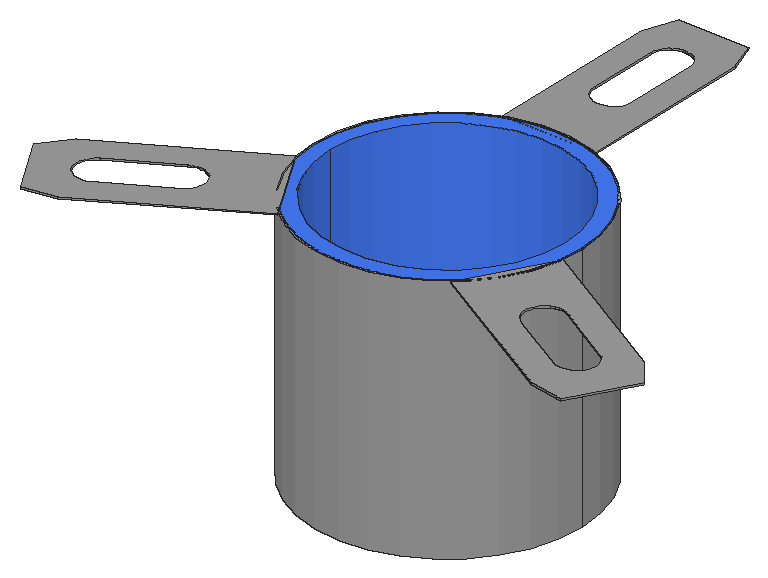
Revit family "Firestop-Wrap_Strip-STI-Series_SS_WBLU2_Sealant_1_to_4_floor", category Specialty Equipment, host Floor, Revit 2026
Family settings
  Host = Floor
  Round Connector Dimension = Use Diameter
  Part Type = Normal
  Classification Number = 23.20.50.14.11
  Enable Cutting in Views = No
  Always vertical = Yes
  Cut with Voids When Loaded = No
  Maintain Annotation Orientation = No
  Shared = No
  Room Calculation Point = No
Parameters (values of type "01.5 Pipe")
  URL = "http://www.stifirestop.com/"
  Tested Systems = "http://sti.fmpdata.net/system_search.html"
  Systems  (See "Tested Systems" for addtional) = ""
  Stack height = 0' - 2"
  Screw Hole Width = 0' - 0 5/16"
  Product Page URL = "http://www.stifirestop.com/products/product-selector/ssw-intumescent-wrap-strip/"
  Product Documentation Link = "http://files.systems.stifirestop.com/4.%20Product%20Data%20Sheets/1.%20English/PDS_SSW125,%20SSW250,%20SSW375%20Wrap%20Strip.pdf"
  Pipe OD = 0' - 1 115/128"
  Material = ""
  Manufacturer Phone No. = "800.992.1180"
  Manufacturer Fax No. = "908.526.9623"
  Manufacture Address = "210 Evans Way, Somerville, NJ 08876"
  MSDS = "http://files.systems.stifirestop.com/5.%20Safety%20Data%20Sheet/1.%20English/SDS_BLU2%20Wrap%20Strip.pdf"
  Locate Distributor = "http://www.stifirestop.com/"
  Guide Specification = "http://www.stifirestop.com/technical-library/sti-guide-specs/"
  Green Building/LEED® Information = "http://sti.fmpdata.net/ftp/letters/General_LEED_Letter.pdf"
  Galvanized-STI-Steel-Collar = Rap
  Mounting Tabs Small Width = 0' - 0 9/16"
  Mounting Tabs Large Width = 0' - 0 3/4"
  Mounting Tab ID = 0' - 1 3/128"
  Model = "SSWBLU2"
  Manufacturer = "Specified Technologies Inc."
  ID of Collar = 0' - 2 19/128"
  Firestop-STI-Intumescent-Blue = STI Molded Intrumescent Insert blu
  Fire Rating = "Up to 4 Hr"
  Description = "BLU2 Wrap Strip (2\" X 1/8\" X 12')"
  Default Elevation = 0' - 0"
  Contact Technical Service = "http://www.stifirestop.com/contact/"
  Contact Sales = "http://www.stifirestop.com/contact/"
  Color = ""
  Assembly Code = "D4030900"
Types (7): name | Stack height | Screw Hole Width | Pipe OD | Material | Mounting Tabs Small Width | Mounting Tabs Large Width | Mounting Tab ID | ID of Collar | Color
  (no name) | 0' - 2" | 0' - 0 5/16" | 0' - 1 115/128" | "" | 0' - 0 9/16" | 0' - 0 3/4" | 0' - 1 3/128" | 0' - 2 19/128" | ""
  01.5 Pipe | 0' - 2" | 0' - 0 5/16" | 0' - 1 115/128" | "" | 0' - 0 9/16" | 0' - 0 3/4" | 0' - 1 3/128" | 0' - 2 19/128" | ""
  02 Pipe | 0' - 2" | 0' - 0 5/16" | 0' - 2 3/8" | "" | 0' - 0 9/16" | 0' - 0 3/4" | 0' - 1 67/256" | 0' - 2 5/8" | ""
  02.5 Pipe | 0' - 2" | 0' - 0 5/16" | 0' - 2 7/8" | "" | 0' - 0 9/16" | 0' - 0 3/4" | 0' - 1 163/256" | 0' - 3 3/8" | ""
  03 Pipe | 0' - 1 1/2" | 0' - 0 3/8" | 0' - 3 1/2" | "" | 0' - 0 1/2" | 0' - 1" | 0' - 1 243/256" | 0' - 4" | ""
  03.5 Pipe | 0' - 2" | 0' - 0 3/8" | 0' - 4" | "" | 0' - 0 1/2" | 0' - 1" | 0' - 2 83/256" | 0' - 4 3/4" | ""
  04 Pipe | 0' - 2" | 0' - 0 3/8" | 0' - 4 1/2" | "Flexible intumescent strip faced with plastic" | 0' - 0 1/2" | 0' - 1" | 0' - 2 147/256" | 0' - 5 1/4" | "BLUE"
Reference planes (in)
  plane 1 "Center (Front/Back)": y = 0
  plane 2: z = 0
  plane 3 "Center (Left/Right)": x = 0
  plane 4: x = -0.94922
  plane 5: x = 0.94922
  plane 6: x = -1.07422
  plane 7: x = -1.08622
  plane 8: x = 1.07422
  plane 9: x = 1.08622
  plane 10: z = -14
  plane 11: y = 1.02344
  plane 12: x = -0.375
  plane 13: y = 2.67097
  plane 14: x = -0.28125
  plane 15: x = 0.375
  plane 16: x = 0.28125
  plane 17: y = 2.42097
  plane 18: y = 1.67097
  plane 19: y = 2.23347
  plane 20: x = -0.15625
  plane 21: x = 0.15625
  plane 22: z = -12.012
  plane 23: through (1.28751, 0.18316, 48) normal (0.866, -0.5, 0)
  plane 24: through (2.74422, -1.15137, 48) normal (0.5, 0.866, 0)
  plane 25: through (2.71432, -0.6406, 48) normal (0.866, -0.5, 0)
  plane 26: through (2.69735, -1.23256, 48) normal (0.5, 0.866, 0)
  plane 27: through (2.36922, -1.80088, 48) normal (0.5, 0.866, 0)
  plane 28: through (2.4161, -1.71969, 48) normal (0.5, 0.866, 0)
  plane 29: through (2.49781, -0.5156, 48) normal (0.866, -0.5, 0)
  plane 30: through (1.84829, -0.1406, 48) normal (0.866, -0.5, 0)
  plane 31: through (2.33543, -0.42185, 48) normal (0.866, -0.5, 0)
  plane 32: through (2.55672, -1.47612, 48) normal (0.5, 0.866, 0)
  plane 33: through (2.40047, -1.74676, 48) normal (0.5, 0.866, 0)
  plane 34: through (-0.48513, -1.2066, 48) normal (-0.866, -0.5, 0)
  plane 35: through (-2.36922, -1.80088, 48) normal (0.5, -0.866, 0)
  plane 36: through (-1.91194, -2.03037, 48) normal (-0.866, -0.5, 0)
  plane 37: through (-2.4161, -1.71969, 48) normal (0.5, -0.866, 0)
  plane 38: through (-2.74422, -1.15137, 48) normal (0.5, -0.866, 0)
  plane 39: through (-2.69735, -1.23256, 48) normal (0.5, -0.866, 0)
  plane 40: through (-1.69543, -1.90537, 48) normal (-0.866, -0.5, 0)
  plane 41: through (-1.04591, -1.53037, 48) normal (-0.866, -0.5, 0)
  plane 42: through (-1.53305, -1.81162, 48) normal (-0.866, -0.5, 0)
  plane 43: through (-2.4786, -1.61144, 48) normal (0.5, -0.866, 0)
  plane 44: through (-2.63485, -1.34081, 48) normal (0.5, -0.866, 0)
  plane 45: through (0.40119, -0.69488, 48) normal (-0.866, -0.5, 0)
  plane 46: through (0.40119, 0.69488, 48) normal (0.866, -0.5, 0)
  plane 47: through (0, 0, 48) normal (0.5, 0.866, 0)
  plane 48: through (0, 0, 48) normal (0.5, -0.866, 0)
  plane 49: through (2.74422, -1.15137, 48) normal (0.5, 0.866, 0)
  plane 50: through (2.69735, -1.23256, 48) normal (0.5, 0.866, 0)
  plane 51: through (2.36922, -1.80088, 48) normal (0.5, 0.866, 0)
  plane 52: through (2.4161, -1.71969, 48) normal (0.5, 0.866, 0)
  plane 53: through (2.55672, -1.47612, 48) normal (0.5, 0.866, 0)
  plane 54: through (2.40047, -1.74676, 48) normal (0.5, 0.866, 0)
  plane 55: through (2.74422, -1.15137, 48) normal (0.5, 0.866, 0)
  plane 56: through (2.69735, -1.23256, 48) normal (0.5, 0.866, 0)
  plane 57: through (2.36922, -1.80088, 48) normal (0.5, 0.866, 0)
  plane 58: through (2.4161, -1.71969, 48) normal (0.5, 0.866, 0)
  plane 59: through (2.65047, -1.31375, 48) normal (0.5, 0.866, 0)
  plane 60: through (2.46297, -1.6385, 48) normal (0.5, 0.866, 0)
  plane 61: through (2.74422, -1.15137, 48) normal (0.5, 0.866, 0)
  plane 62: through (2.69735, -1.23256, 48) normal (0.5, 0.866, 0)
  plane 63: through (2.36922, -1.80088, 48) normal (0.5, 0.866, 0)
  plane 64: through (2.4161, -1.71969, 48) normal (0.5, 0.866, 0)
  plane 65: through (2.63485, -1.34081, 48) normal (0.5, 0.866, 0)
  plane 66: through (2.4786, -1.61144, 48) normal (0.5, 0.866, 0)
  plane 67: through (-3.07306, -2.70074, 48) normal (-0.866, -0.5, 0)
  plane 68: through (-2.36922, -1.80088, 48) normal (0.5, -0.866, 0)
  plane 69: through (-4.49986, -3.52451, 48) normal (-0.866, -0.5, 0)
  plane 70: through (-2.4161, -1.71969, 48) normal (0.5, -0.866, 0)
  plane 71: through (-2.74422, -1.15137, 48) normal (0.5, -0.866, 0)
  plane 72: through (-2.69735, -1.23256, 48) normal (0.5, -0.866, 0)
  plane 73: through (-4.28336, -3.39951, 48) normal (-0.866, -0.5, 0)
  plane 74: through (-3.63384, -3.02451, 48) normal (-0.866, -0.5, 0)
  plane 75: through (-4.12098, -3.30576, 48) normal (-0.866, -0.5, 0)
  plane 76: through (-2.4786, -1.61144, 48) normal (0.5, -0.866, 0)
  plane 77: through (-2.63485, -1.34081, 48) normal (0.5, -0.866, 0)
Forms (in)
  Extrusion 1, solid, material "Rap" <- "Galvanized-STI-Steel-Collar"
    sketch origin (0, 0, 0) x (1, 0, 0) y (0, 1, 0)
      loop
        circle (0, 0) r 1.08622
      loop
        circle (0, 0) r 1.07422
    from -12 to -14
  Extrusion 2, solid, material "Rap" <- "Galvanized-STI-Steel-Collar"
    sketch origin (0, 0, 0) x (1, 0, 0) y (0, 1, 0)
      loop
        line (-0.375, 2.42097) -> (-0.375, 1.02344) -> (0.375, 1.02344) -> (0.375, 2.42097) -> (0.28125, 2.67097) -> (-0.28125, 2.67097) -> (-0.375, 2.42097)
      loop
        line (-0.15625, 2.23347) -> (-0.15625, 1.67097)
        arc (-0.15625, 1.67097) -> (0, 1.51472) -> (0.15625, 1.67097) r 0.15625
        line (0.15625, 1.67097) -> (0.15625, 2.23347)
        arc (0.15625, 2.23347) -> (0, 2.38972) -> (-0.15625, 2.23347) r 0.15625
    from -12 to -12.012
  Extrusion 3, solid, material "Rap" <- "Galvanized-STI-Steel-Collar"
    sketch origin (0, 0, 0) x (-0.5, 0.866025, 0) y (-0.866025, -0.5, 0)
      loop
        line (-0.375, 2.42097) -> (-0.375, 1.02344) -> (0.375, 1.02344) -> (0.375, 2.42097) -> (0.28125, 2.67097) -> (-0.28125, 2.67097) -> (-0.375, 2.42097)
      loop
        line (-0.15625, 2.23347) -> (-0.15625, 1.67097)
        arc (-0.15625, 1.67097) -> (0, 1.51472) -> (0.15625, 1.67097) r 0.15625
        line (0.15625, 1.67097) -> (0.15625, 2.23347)
        arc (0.15625, 2.23347) -> (0, 2.38972) -> (-0.15625, 2.23347) r 0.15625
    from -12 to -12.012
  Extrusion 4, solid, material "Rap" <- "Galvanized-STI-Steel-Collar"
    sketch origin (0, 0, 0) x (-0.5, -0.866025, 0) y (0.866025, -0.5, 0)
      loop
        line (-0.375, 2.42097) -> (-0.375, 1.02344) -> (0.375, 1.02344) -> (0.375, 2.42097) -> (0.28125, 2.67097) -> (-0.28125, 2.67097) -> (-0.375, 2.42097)
      loop
        line (-0.15625, 2.23347) -> (-0.15625, 1.67097)
        arc (-0.15625, 1.67097) -> (0, 1.51472) -> (0.15625, 1.67097) r 0.15625
        line (0.15625, 1.67097) -> (0.15625, 2.23347)
        arc (0.15625, 2.23347) -> (0, 2.38972) -> (-0.15625, 2.23347) r 0.15625
    from -12 to -12.012
  Extrusion 5, solid, material "STI Molded Intrumescent Insert blu" <- "Firestop-STI-Intumescent-Blue"
    sketch origin (0, 0, 0) x (1, 0, 0) y (0, 1, 0)
      loop
        circle (0, 0) r 1.07422
      loop
        circle (0, 0) r 0.94922
    from -14 to -12
Lines and regions (in)
  Opening 1
    outline origin (60, 60, 0) x (0, 1, 0) y (-1, 0, 0)
      loop
        circle (-60, 60) r 0.94922
Dimensions and locks (in)
  equal spacing: host sketch curve, plane 1 "Center (Front/Back)", host sketch curve
  equal spacing: host sketch curve, plane 3 "Center (Left/Right)", host sketch curve
  host sketch curve to host sketch curve = 10' - 0"  (x2)
  equal spacing: plane 4, plane 3 "Center (Left/Right)", plane 5
  "Pipe OD": plane 4 to plane 5
  equal spacing: plane 6, plane 3 "Center (Left/Right)", plane 8
  "ID of Collar": plane 6 to plane 8
  locked: plane 7 to plane 6 at 0.012
  locked: plane 8 to plane 9 at 0.012
  "Stack height": host floor to plane 10
  locked: plane 36 to plane 34 at 1.64753
  locked: plane 36 to plane 41 at 1
  locked: plane 36 to plane 40 at 0.25
  "Mounting Tab ID": plane 34 to plane 45
  locked: plane 25 to plane 23 at 1.64753
  locked: plane 25 to plane 29 at 0.25
  locked: plane 25 to plane 30 at 1
  locked: plane 13 to plane 11 at 1.64753
  locked: plane 13 to plane 17 at 0.25
  locked: plane 13 to plane 18 at 1
  "Mounting Tab ID": plane 11 to plane 1 "Center (Front/Back)"
  equal spacing: plane 20, plane 3 "Center (Left/Right)", plane 21
  "Screw Hole Width": plane 20 to plane 21
  equal spacing: plane 14, plane 3 "Center (Left/Right)", plane 16
  "Mounting Tabs Small Width": plane 14 to plane 16
  equal spacing: plane 12, plane 3 "Center (Left/Right)", plane 15
  "Mounting Tabs Large Width": plane 12 to plane 15
  locked: plane 13 to plane 19 at 0.4375
  locked: plane 25 to plane 31 at 0.4375
  locked: plane 36 to plane 42 at 0.4375
  equal spacing: plane 35, plane 48, plane 38
  "Mounting Tabs Large Width": plane 35 to plane 38
  equal spacing: plane 27, plane 47, plane 24
  "Mounting Tabs Large Width": plane 27 to plane 24
  equal spacing: plane 28, plane 47, plane 26
  "Mounting Tabs Small Width": plane 28 to plane 26
  equal spacing: plane 39, plane 48, plane 37
  "Mounting Tabs Small Width": plane 39 to plane 37
  equal spacing: plane 44, plane 48, plane 43
  "Screw Hole Width": plane 44 to plane 43
  locked: plane 22 to host floor at 0.012
  equal spacing: plane 51, plane 47, plane 49
  "Mounting Tabs Large Width": plane 51 to plane 49
  equal spacing: plane 52, plane 47, plane 50
  "Mounting Tabs Small Width": plane 52 to plane 50
  equal spacing: plane 57, plane 47, plane 55
  equal spacing: plane 58, plane 47, plane 56
  "Mounting Tabs Small Width": plane 58 to plane 56
  equal spacing: plane 60, plane 47, plane 59
  plane 60 to plane 59 = 0' - 0 3/8"
  equal spacing: plane 63, plane 47, plane 61
  equal spacing: plane 64, plane 47, plane 62
  "Mounting Tabs Small Width": plane 64 to plane 62
  equal spacing: plane 66, plane 47, plane 65
  "Screw Hole Width": plane 66 to plane 65
  locked: plane 69 to plane 67 at 1.64753
  locked: plane 69 to plane 74 at 1
  locked: plane 69 to plane 73 at 0.25
  locked: plane 69 to plane 75 at 0.4375
  equal spacing: plane 68, plane 48, plane 71
  "Mounting Tabs Large Width": plane 68 to plane 71
  equal spacing: plane 72, plane 48, plane 70
  "Mounting Tabs Small Width": plane 72 to plane 70
  equal spacing: plane 77, plane 48, plane 76
  "Screw Hole Width": plane 77 to plane 76
  "Mounting Tab ID": plane 23 to plane 46
  aligned and locked: level to plane 2
  aligned and locked: plane 1 "Center (Front/Back)" to Opening 1 sketch curve
  aligned and locked: plane 5 to Opening 1 sketch curve
  aligned and locked: plane 1 "Center (Front/Back)" to Extrusion 1 sketch curve  (x2)
  aligned and locked: plane 9 to Extrusion 1 sketch curve
  aligned and locked: Extrusion 1 to plane 10
  aligned and locked: Extrusion 1 to host floor
  aligned and locked: plane 17 to Extrusion 2 sketch curve
  aligned and locked: Extrusion 2 sketch curve to plane 13
  aligned and locked: plane 12 to Extrusion 2 sketch curve
  aligned and locked: Extrusion 2 sketch curve to plane 11
  aligned and locked: plane 15 to Extrusion 2 sketch curve
  aligned and locked: Extrusion 2 to plane 22
  aligned and locked: Extrusion 2 to host floor
  aligned and locked: Extrusion 1 to Extrusion 2
  aligned and locked: Extrusion 3 to plane 34
  aligned and locked: plane 36 to Extrusion 3
  aligned and locked: Extrusion 3 to plane 38
  aligned and locked: plane 35 to Extrusion 3
  aligned and locked: Extrusion 3 to plane 43
  aligned and locked: plane 44 to Extrusion 3
  aligned and locked: Extrusion 2 to Extrusion 3
  aligned and locked: Extrusion 3 to host floor
  aligned and locked: Extrusion 4 to plane 63
  aligned and locked: plane 61 to Extrusion 4
  aligned and locked: plane 66 to Extrusion 4
  aligned and locked: Extrusion 4 to plane 65
  aligned and locked: Extrusion 4 to host floor
  aligned and locked: Extrusion 4 to plane 22
  aligned and locked: plane 21 to Extrusion 2
  aligned and locked: Extrusion 2 to plane 20
  aligned and locked: plane 6 to Extrusion 5 sketch curve
  aligned and locked: plane 4 to Extrusion 5 sketch curve
  aligned and locked: Extrusion 5 to plane 10
  aligned and locked: Extrusion 5 to host floor
Automatic sketch dimensions
  Opening 1 sketch curve to Opening 1 sketch curve = 0' - 0"
  Opening 1 sketch curve to plane 3 "Center (Left/Right)" = 0' - 0"
  Extrusion 1 sketch curve to Extrusion 1 sketch curve = 0' - 0"  (x6)
  Extrusion 1 sketch curve to plane 7 = 0' - 0"
  Extrusion 1 sketch curve to plane 6 = 0' - 0"
  Extrusion 2 sketch curve to plane 14 = 0' - 0 1/8"
  Extrusion 2 sketch curve to plane 14 = 0' - 0"
  Extrusion 2 sketch curve to plane 3 "Center (Left/Right)" = 0' - 0"
  Extrusion 2 sketch curve to plane 16 = 0' - 0"
  Extrusion 2 sketch curve to plane 18 = 0' - 0"
  Extrusion 2 sketch curve to plane 19 = 0' - 0"
  Extrusion 2 sketch curve to plane 17 = 0' - 0"
  Extrusion 3 sketch curve to plane 35 = 0' - 0"
  Extrusion 3 sketch curve to plane 37 = 0' - 0 1/8"
  plane 36 to Extrusion 3 sketch curve = 0' - 0"
  Extrusion 3 sketch curve to plane 37 = 0' - 0"
  plane 42 to Extrusion 3 sketch curve = 0' - 0"
  plane 48 to Extrusion 3 sketch curve = 0' - 0"
  Extrusion 3 sketch curve to plane 39 = 0' - 0"
  plane 34 to Extrusion 3 sketch curve = 0' - 0"
  Extrusion 3 sketch curve to plane 38 = 0' - 0"
  plane 41 to Extrusion 3 sketch curve = 0' - 0"
  plane 40 to Extrusion 3 sketch curve = 0' - 0"  (x2)
  plane 24 to Extrusion 4 sketch curve = 0' - 0"
  plane 25 to Extrusion 4 sketch curve = 0' - 0"
  Extrusion 4 sketch curve to plane 26 = 0' - 0"
  plane 30 to Extrusion 4 sketch curve = 0' - 0"
  plane 32 to Extrusion 4 sketch curve = 0' - 0 5/32"
  plane 31 to Extrusion 4 sketch curve = 0' - 0"
  Extrusion 4 sketch curve to plane 47 = 0' - 0"
  plane 28 to Extrusion 4 sketch curve = 0' - 0"
  plane 27 to Extrusion 4 sketch curve = 0' - 0"
  plane 23 to Extrusion 4 sketch curve = 0' - 0"
  plane 29 to Extrusion 4 sketch curve = 0' - 0"  (x2)
  Extrusion 5 sketch curve to Extrusion 5 sketch curve = 0' - 0"  (x2)
  plane 1 "Center (Front/Back)" to Extrusion 5 sketch curve = 0' - 0"
  Extrusion 5 sketch curve to plane 3 "Center (Left/Right)" = 0' - 0"
